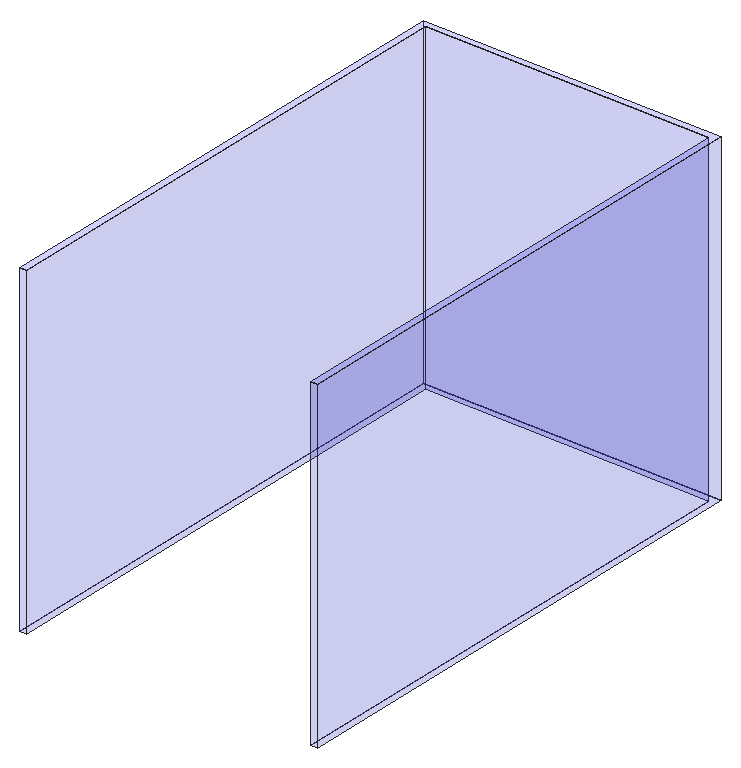
Revit family "12990_without trims", category Specialty Equipment, host Wall, Revit 2023
Family settings
  Host = Wall
  Round Connector Dimension = Use Diameter
  Part Type = Normal
  Enable Cutting in Views = Yes
  Always vertical = Yes
  Cut with Voids When Loaded = No
  Maintain Annotation Orientation = No
  Shared = No
  Room Calculation Point = No
Parameters (values of type "Visio Uniq model")
  Void width = 620 mm
  UniClass 2.0 Description = "Fireplaces hearth"
  UniClass 2.0 Code = "Pr_70_60_82_30"
  UniClass 1.4 Description = "Fireplaces"
  UniClass 1.4 Code = "L828"
  URL = "https://www.rais.com/da/gaspejse/indbyggede-gaspejse/rais-visio-70-43-39-3s"
  QR Code = "BIM link"
  Product url = "https://www.rais.com/da/gaspejse/indbyggede-gaspejse/rais-visio-70-43-39-3s"
  Product name = "Rais Visio Uniq model 3S"
  Product group = "Fireplace"
  Product family = "Visio Uniq model"
  Product data url = "BIM Link"
  Product SKU = ""
  Placement from front = 52.026 mm
  OmniClass Description = "Fireplaces"
  OmniClass Code = "23-19 17 00"
  Materiale frame = "Without frame"
  Manufacturer name = "Visio Uniq model"
  Manufacturer = "RAIS A/S"
  IFC classification = "Object"
  Export Type to IFC As = ""
  Edition number = "1"
  Distance to combustible material from glass = "Min. 700 mm."
  Distance to combustible material (floor) = "Min. 375 mm."
  Distance to combustible material (ceiling) = "Min. 420 mm."
  Design and manufacturer country = "Denmark"
  Description information = "RAIS Visio 70 3S has front glass of 70 cm and glass on three sides. With this gas fireplace you can enjoy the fire from all sides. A discreet frame frames the fire so that the flames are really in focus. The gas fireplace has an incredibly lifelike and authentic flame image, which is controlled by remote control or your phone/tablet.\r\n\r\nThis model is available with a black or stainless steel frame.\r\n\r\nCan be connected to natural gas, city gas, LPG or biogas."
  Default Elevation = 0 mm
  Chimney connection = "200 mm. Diameter"
  BIMobject category = "Gas - Fireplaces"
Types (2, lengths in mm): name | UniClass 2.0 Description | UniClass 2.0 Code | UniClass 1.4 Description | UniClass 1.4 Code | URL | QR Code | Product url | Product name | Product group | Product family | Product data url | Product SKU | OmniClass Description | OmniClass Code | Materiale frame | Manufacturer name | Manufacturer | IFC classification | Edition number | Distance to combustible material from glass | Distance to combustible material (floor) | Distance to combustible material (ceiling) | Design and manufacturer country | Description information | Chimney connection | BIMobject category
  Visio Uniq model | "Fireplaces hearth" | "Pr_70_60_82_30" | "Fireplaces" | "L828" | "https://www.rais.com/da/gaspejse/indbyggede-gaspejse/rais-visio-70-43-39-3s" | "BIM link" | "https://www.rais.com/da/gaspejse/indbyggede-gaspejse/rais-visio-70-43-39-3s" | "Rais Visio Uniq model 3S" | "Fireplace" | "Visio Uniq model" | "BIM Link" | "" | "Fireplaces" | "23-19 17 00" | "Without frame" | "Visio Uniq model" | "RAIS A/S" | "Object" | "1" | "Min. 700 mm." | "Min. 375 mm." | "Min. 420 mm." | "Denmark" | "RAIS Visio 70 3S has front glass of 70 cm and glass on three sides. With this gas fireplace you can enjoy the fire from all sides. A discreet frame frames the fire so that the flames are really in focus. The gas fireplace has an incredibly lifelike and authentic flame image, which is controlled by remote control or your phone/tablet.\r\n\r\nThis model is available with a black or stainless steel frame.\r\n\r\nCan be connected to natural gas, city gas, LPG or biogas." | "200 mm. Diameter" | "Gas - Fireplaces"
  Visio 70-43-39-3S Gas | "Pr_70_60_82_30" | "Fireplaces hearth" | "Pr_70_60_82_30" | "Fireplaces" | 0 | "" | "" | "Gas - Fireplace" | "Visio 3S" | "Visio 3S - Gas" | "" | "Rais Visio 70 3S" | "23-19 17 00" | "Object" | "" | "1" | 0 | "Gas - Fireplaces" | "Denmark" | "Min. 150 mm." | "Min. 1000 mm." | "" | "" | "" | "" | ""
Reference planes
  plane 1 "Front wall": y = 0
  plane 2 "Center (Left/Right)": x = 125
  plane 3 "Back wall": y = -150
  plane 4 "Left side": x = -185
  plane 5 "Right side": x = 435
  plane 6 "Back void": y = -882.1
  plane 7 "Top void": z = 1460
  plane 8 "Bottom void": z = 900
  plane 9 "Placement front": y = -52.026
Forms (mm)
  Extrusion 1, void
    sketch origin (0, 0, 0) x (1, 0, 0) y (0, 1, 0)
      loop
        line (-185, 0) -> (-185, -882.1) -> (435, -882.1) -> (435, 0) -> (-185, 0)
    from 900 to 1460
Text (mm)
  text "Placement Side" at (-1848.837, 1116.779, 0), in view "Ref. Level"
  text "Placement side" at (0, 1409.804, 2854.306), in view "Left"
  text "Placement side" at (0, 499.811, 2980.732), in view "Right"
Dimensions and locks
  plane 3 "Back wall" to host wall = 150 mm
  level to plane 7 "Top void" = 1460 mm
  level to plane 8 "Bottom void" = 900 mm
  equal spacing: plane 4 "Left side", plane 2 "Center (Left/Right)", plane 5 "Right side"
  "Void width": plane 4 "Left side" to plane 5 "Right side"
  "Placement from front": plane 9 "Placement front" to plane 1 "Front wall"
  locked: plane 9 "Placement front" to plane 6 "Back void" at 830.074
  aligned and locked: host wall to plane 1 "Front wall"
  aligned and locked: plane 3 "Back wall" to host wall
  aligned and locked: Extrusion 1 sketch curve to host wall
  aligned and locked: plane 4 "Left side" to Extrusion 1 sketch curve
  aligned and locked: plane 6 "Back void" to Extrusion 1 sketch curve
  aligned and locked: Extrusion 1 sketch curve to plane 5 "Right side"
  aligned and locked: plane 6 "Back void" to nested 1
  aligned and locked: plane 9 "Placement front" to nested 1
Nested families
  nested 1: "12990_without trims" at (125, -74.06, 492) x (-1, 0, 0) z (0, 0, 1), type "Standard"
Definition of nested family "12990_without trims"
  Parameters (values of type "Standard")
    Default Elevation = 0 mm
  Reference planes
    plane 1 "Center (Front/Back)": y = 0
    plane 2: z = 0
    plane 3 "Center (Left/Right)": x = 0
  Forms (mm)
    Extrusion 1, solid
      sketch origin (-217.2, 0, 0) x (0, 1, 0) y (0, 0, 1)
        loop
          line (771.09, 889.236) -> (33.09, 889.236) -> (33.09, 413.236) -> (771.09, 413.236) -> (771.09, 889.236)
      from 0 to 10
    Extrusion 2, solid
      sketch origin (217.2, 0, 0) x (0, 1, 0) y (0, 0, -1)
        loop
          line (771.09, -889.236) -> (771.09, -413.236) -> (33.09, -413.236) -> (33.09, -889.236) -> (771.09, -889.236)
      from 0 to 10
    Extrusion 3, solid
      sketch origin (0, 43.09, 0) x (1, 0, 0) y (0, 0, 1)
        loop
          line (-217.2, 889.236) -> (-217.2, 413.236) -> (217.2, 413.236) -> (217.2, 889.236) -> (-217.2, 889.236)
      from 0 to 10
    Extrusion 4, solid, not visible
      sketch origin (-217.2, 0, 0) x (0, 1, 0) y (0, 0, 1)
        loop
          line (771.09, 889.236) -> (33.09, 889.236) -> (33.09, 413.236) -> (771.09, 413.236) -> (771.09, 889.236)
      from 0 to 10
    Extrusion 5, solid, not visible
      sketch origin (217.2, 0, 0) x (0, 1, 0) y (0, 0, -1)
        loop
          line (771.09, -889.236) -> (771.09, -413.236) -> (33.09, -413.236) -> (33.09, -889.236) -> (771.09, -889.236)
      from 0 to 10
    Extrusion 6, solid, not visible
      sketch origin (0, 43.09, 0) x (1, 0, 0) y (0, 0, 1)
        loop
          line (-217.2, 889.236) -> (-217.2, 413.236) -> (217.2, 413.236) -> (217.2, 889.236) -> (-217.2, 889.236)
      from 0 to 10
  Cuts and joins
    joined: Extrusion 1, Extrusion 2, Extrusion 3
  Dimensions and locks
    aligned and locked: level to plane 2
